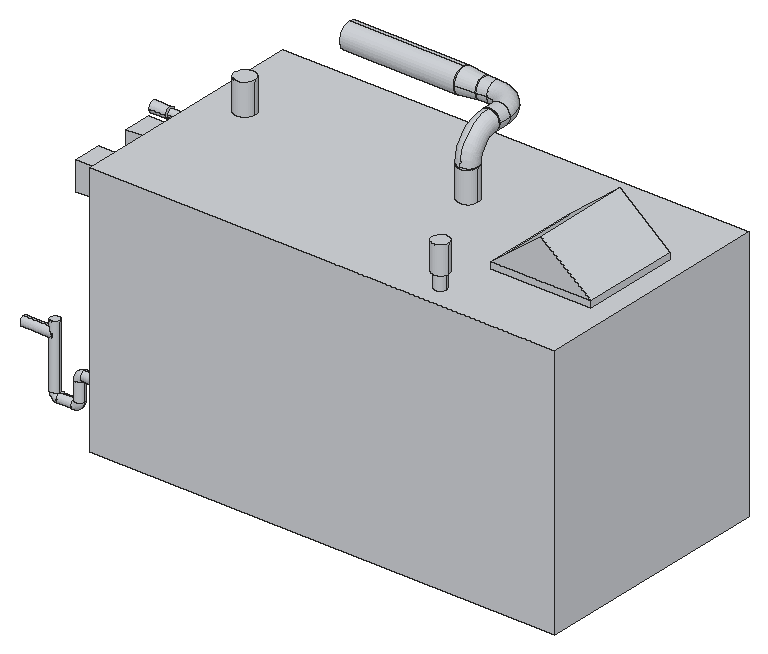
Revit family "AMP_BFIT 2000 Boiler", category Mechanical Equipment, Revit 2019
Family settings
  Round Connector Dimension = Use Diameter
  Part Type = Normal
  OmniClass Number = 23.75.00.00
  OmniClass Title = Climate Control (HVAC)
  Work Plane-Based = No
  Always vertical = Yes
  Cut with Voids When Loaded = No
  Shared = No
  Room Calculation Point = No
Parameters (values of type "AMP/BFIT 2000 Boiler")
  Width = 34 1/4"
  Length = 66 1/8"
  Height = 36 1/8"
  Voltage = ""
  Vent = "8\" EZ Vent"
  Manufacturer = "Bryan Steam"  # constant formula
  Hydronic Supply = "3\" Victaulic"
  Hydronic Return = "2-1/2\" Victaulic"
  Gas Train = "1-1/4\" NPT"
  Condensate Trap = "1\" Pipe"
  Boiler Drain = "3/4\" NPT"
  Air Supply = "8\""
Reference planes
  plane 1 "Center (Front/Back)": y = 0
  plane 2: z = 0
  plane 3 "Center (Left/Right)": x = 0
  plane 4 "Vent": y = 95.25
  plane 5 "Condensate Trap": y = -304.8
  plane 6 "Supply 2.5" Victualic Elbow Style 10": x = 100.902
  plane 7 "3" Supply Manifold": z = 1127.125
  plane 8 "3" Supply Elbow Victaulic Style 10": y = 327.025
Forms (mm)
  Extrusion 1, solid
    sketch origin (0, 0, 0) x (1, 0, 0) y (0, 1, 0)
      loop
        line (-839.787, 434.975) -> (-839.787, -434.975) -> (839.788, -434.975) -> (839.788, 434.975) -> (-839.787, 434.975)
    from 0 to 917.575
  Extrusion 2, solid
    sketch origin (0, 0, 917.575) x (1, 0, 0) y (0, 1, 0)
      loop
        line (405.549, 174.625) -> (405.549, -180.975) -> (763.588, -180.975) -> (763.588, 174.625) -> (405.549, 174.625)
    from 0 to 21.63
  Extrusion 3, solid
    sketch origin (763.588, -180.975, 917.575) x (-1, 0, 0) y (0, 0, -1)
      loop
        line (358.038, -21.63) -> (0, -21.63) -> (179.019, -167.063) -> (358.038, -21.63)
    from 0 to -355.6
  Extrusion 4, solid
    sketch origin (0, 0, 917.575) x (1, 0, 0) y (0, 1, 0)
      loop
        circle (-703.262, 95.25) r 36.513
      loop
        circle (100.902, 95.25) r 36.513
    from 0 to 111.125
  Extrusion 5, solid
    sketch origin (-839.787, -434.975, 0) x (0, 1, 0) y (0, 0, -1)
      loop
        circle (714.375, -257.175) r 100.013
      loop
        circle (714.375, -257.175) r 94.456
    from 0 to 28.575
  Sweep 6, solid
    path origin (0, -304.8, 0) x (-1, 0, 0) y (0, 0, 1)
      loop
        line (839.787, 146.406) -> (960.793, 146.406)
        arc (960.793, 146.406) -> (973.15, 141.287) -> (978.268, 128.93) r 17.475
        line (978.268, 128.93) -> (978.268, 62.281)
        arc (978.268, 62.281) -> (983.387, 49.924) -> (995.743, 44.806) r 17.475
        line (995.743, 44.806) -> (1049.706, 44.806)
        arc (1049.706, 44.806) -> (1062.054, 49.92) -> (1067.168, 62.268) r 17.463
        line (1067.168, 62.268) -> (1067.168, 292.456)
    profile origin (-900.29, -304.8, 146.406) x (0, 0, 1) y (0, 1, 0)
      loop
        circle (0, 0) r 16.701
  Revolve 7, solid
    sketch origin (0, -304.8, 0) x (-1, 0, 0) y (0, 0, 1)
      loop
        line (1179.512, 247.65) -> (1179.512, 264.351) -> (1066.8, 264.351) -> (1066.8, 247.65) -> (1179.512, 247.65)
      axis (1066.8, 247.65) -> (1179.512, 247.65)
    angle from 0 to 360
  Sweep 8, solid
    path origin (100.902, 0, 0) x (0, 1, 0) y (0, 0, 1)
      loop
        line (94.688, 1028.7) -> (94.688, 1032.51)
        arc (94.688, 1032.51) -> (122.586, 1099.862) -> (189.938, 1127.76) r 95.25
        line (189.938, 1127.76) -> (193.748, 1127.76)
    profile origin (100.902, 94.688, 1030.605) x (0, -1, 0) y (1, 0, 0)
      loop
        circle (0, 0) r 36.05
  Sweep 9, solid
    path origin (0, 0, 1127.125) x (1, 0, 0) y (0, 1, 0)
      loop
        line (100.902, 193.748) -> (100.902, 238.198)
        arc (100.902, 238.198) -> (74.863, 301.059) -> (12.002, 327.098) r 88.9
        line (12.002, 327.098) -> (-29.273, 327.098)
    profile origin (100.902, 215.973, 1127.125) x (-1, 0, 0) y (0, 0, 1)
      loop
        circle (0, 0) r 36.314
  SweptBlend 10, solid
    path origin (0, 0, 1127.125) x (1, 0, 0) y (0, 1, 0)
      loop
        line (-29.273, 323.923) -> (-100.393, 323.923)
    profile origin (-29.273, 323.923, 1127.125) x (0, -1, 0) y (0, 0, 1)
      loop
        circle (-3.175, 0) r 36.314
    end profile origin (-100.393, 323.923, 1127.125) x (0, -1, 0) y (0, 0, 1)
      loop
        circle (-3.175, 0) r 44.45
  Extrusion 11, solid
    sketch origin (-100.393, 327.098, 1127.125) x (0, 0, -1) y (0, -1, 0)
      loop
        circle (0, -0.065) r 44.513
    from 0 to 411.46
  Extrusion 12, solid
    sketch origin (-839.787, -434.975, 0) x (0, 1, 0) y (0, 0, -1)
      loop
        line (345.313, -912.813) -> (345.313, -811.213) -> (243.713, -811.213) -> (243.713, -912.813) -> (345.313, -912.813)
      loop
        line (119.888, -912.8) -> (119.888, -811.2) -> (18.288, -811.2) -> (18.288, -912.8) -> (119.888, -912.8)
    from 0 to 63.004
  Revolve 13, solid
    sketch origin (0, 95.25, 0) x (-1, 0, 0) y (0, 0, 1)
      loop
        line (1055.687, 603.25) -> (1050.344, 705.218) -> (803.033, 692.257) -> (808.377, 590.289) -> (1055.687, 603.25)
      axis (808.377, 590.289) -> (1055.687, 603.25)
    angle from 0 to 360
  Extrusion 14, solid
    sketch origin (-839.787, -434.975, 0) x (0, 1, 0) y (0, 0, -1)
      loop
        circle (530.225, -815.975) r 13.335
    from 0 to 133.35
  Extrusion 15, solid
    sketch origin (0, 0, 917.575) x (1, 0, 0) y (0, 1, 0)
      loop
        circle (360.363, -352.425) r 21.082
    from 0 to 53.975
  Extrusion 16, solid
    sketch origin (0, 0, 971.55) x (1, 0, 0) y (0, 1, 0)
      loop
        circle (360.363, -352.425) r 30.163
    from 0 to 98.425
  Extrusion 17, solid
    sketch origin (-973.137, -434.975, 0) x (0, 1, 0) y (0, 0, -1)
      loop
        circle (530.225, -815.975) r 19.05
    from 0 to 60.325
Dimensions and locks
  "Height": Extrusion 1 to level
  equal spacing: Extrusion 1 sketch curve, plane 3 "Center (Left/Right)", Extrusion 1 sketch curve
  "Length": Extrusion 1 sketch curve to Extrusion 1 sketch curve
  equal spacing: Extrusion 1 sketch curve, plane 1 "Center (Front/Back)", Extrusion 1 sketch curve
  "Width": Extrusion 1 sketch curve to Extrusion 1 sketch curve
  locked: Extrusion 2 sketch curve to Extrusion 1 at 76.2
  locked: Extrusion 2 sketch curve to Extrusion 2 sketch curve at 358.038
  locked: Extrusion 2 sketch curve to Extrusion 2 sketch curve at 355.6
  locked: Extrusion 2 sketch curve to Extrusion 1 at 254
  locked: Extrusion 1 to Extrusion 4 sketch curve at 339.725  (x2)
  locked: Extrusion 1 to Extrusion 5 sketch curve at 257.175
  Extrusion 1 to Extrusion 5 sketch curve = 6 1/8"
  locked: Sweep 8 sketch curve to Sweep 8 sketch curve at 99.06  (x2)
  locked: level to plane 7 "3" Supply Manifold" at 1127.125
  Sweep 9 sketch curve to Sweep 8 = 5 1/4"
  Sweep 9 sketch curve to Sweep 9 sketch curve = 5 1/8"
  locked: SweptBlend 10 sketch curve to SweptBlend 10 sketch curve at 71.12
  SweptBlend 10 sketch curve to Sweep 9 = 0"
  plane 3 "Center (Left/Right)" to plane 6 "Supply 2.5" Victualic Elbow Style 10" = 3.9725"
  locked: plane 8 "3" Supply Elbow Victaulic Style 10" to plane 1 "Center (Front/Back)" at 327.025
  locked: plane 4 "Vent" to plane 1 "Center (Front/Back)" at 95.25
  locked: plane 5 "Condensate Trap" to plane 1 "Center (Front/Back)" at 304.8
  locked: Sweep 6 sketch curve to Sweep 6 sketch curve at 88.9
  locked: Sweep 6 sketch curve to Sweep 6 sketch curve at 247.65
  Revolve 7 sketch curve to Revolve 7 sketch curve = 4 7/16"
  locked: Extrusion 12 sketch curve to Extrusion 12 sketch curve at 101.6  (x4)
  locked: Revolve 13 sketch curve to Revolve 13 sketch curve at 102.108
  Extrusion 1 to Extrusion 14 sketch curve = 13 3/8"
  Extrusion 1 to Extrusion 14 sketch curve = 32 1/8"
  locked: Extrusion 1 to Revolve 7 sketch curve at 227.012
  locked: Extrusion 1 to Revolve 7 sketch curve at 247.65  (x2)
  locked: Revolve 7 sketch curve to Revolve 7 sketch curve at 16.701
  locked: Extrusion 1 to Extrusion 4 sketch curve at 136.525
  locked: Extrusion 1 to Extrusion 15 sketch curve at 82.55
  locked: Extrusion 15 sketch curve to Extrusion 1 at 479.425
  locked: Extrusion 16 sketch curve to Extrusion 1 at 479.425
  locked: Extrusion 1 to Extrusion 16 sketch curve at 82.55
  locked: Extrusion 1 to Extrusion 17 sketch curve at 101.6
  locked: Extrusion 1 to Extrusion 17 sketch curve at 339.725
  diameter of Extrusion 5 sketch curve = 7 7/16"
  diameter of Extrusion 5 sketch curve = 7 7/8"
  diameter of Extrusion 15 sketch curve = 1.66"
  diameter of Extrusion 16 sketch curve = 2 3/8"
  diameter of Extrusion 17 sketch curve = 1 1/2"
  aligned and locked: level to plane 2
Automatic sketch dimensions
  Extrusion 3 sketch curve to Extrusion 2 = 0"  (x3)
  Extrusion 3 sketch curve to Extrusion 2 = 7.048"
  Extrusion 3 sketch curve to Extrusion 2 = 5.72571"
  Extrusion 5 sketch curve to Extrusion 5 sketch curve = 0"  (x2)
  Sweep 6 sketch curve to plane 5 "Condensate Trap" = 0"
  profile plane to Sweep 6 sketch curve = 0"
  Sweep 6 sketch curve to Sweep 6 sketch curve = 0.688"  (x2)
  Sweep 6 sketch curve to Sweep 6 sketch curve = 11/16"
  Sweep 6 sketch curve to Sweep 6 sketch curve = 2.624"
  Sweep 6 sketch curve to Sweep 6 sketch curve = 4.764"
  Sweep 8 sketch curve to plane 4 "Vent" = 0.02214"
  plane 4 "Vent" to Sweep 8 sketch curve = 3.72786"
  Sweep 8 sketch curve to plane 6 "Supply 2.5" Victualic Elbow Style 10" = 0"
  Sweep 8 sketch curve to profile plane = 0"
  Sweep 9 sketch curve to plane 6 "Supply 2.5" Victualic Elbow Style 10" = 0"
  Sweep 9 sketch curve to Sweep 9 sketch curve = 1 5/8"
  Sweep 9 sketch curve to Sweep 9 sketch curve = 1 3/4"
  Sweep 9 sketch curve to plane 7 "3" Supply Manifold" = 0"
  Sweep 9 sketch curve to profile plane = 0"
  plane 4 "Vent" to SweptBlend 10 sketch curve = 9.00286"
  SweptBlend 10 sketch curve to plane 7 "3" Supply Manifold" = 0"  (x2)
  profile plane to SweptBlend 10 sketch curve = 1/8"  (x2)
  Revolve 7 sketch curve to Revolve 7 sketch curve = 0.2025"
  Revolve 7 sketch curve to Revolve 7 sketch curve = 1.453"
  Revolve 13 sketch curve to Revolve 13 sketch curve = 5.78139"
  Revolve 13 sketch curve to Revolve 13 sketch curve = 4.32851"
  Revolve 13 sketch curve to Revolve 13 sketch curve = 0.21039"
  Revolve 13 sketch curve to Revolve 13 sketch curve = 0"  (x2)
  Extrusion 4 sketch curve to Extrusion 1 = 29.09"
  level to Sweep 6 sketch curve = 5.764"
  Sweep 6 sketch curve to plane 3 "Center (Left/Right)" = 37.8265"
  Sweep 8 sketch curve to plane 7 "3" Supply Manifold" = 3.725"
  Extrusion 1 to Extrusion 12 sketch curve = 0.188"
  Extrusion 12 sketch curve to Extrusion 1 = 0.72"
  Extrusion 1 to Extrusion 12 sketch curve = 3/16"
  Extrusion 12 sketch curve to Extrusion 12 sketch curve = 4 7/8"
  Revolve 13 sketch curve to plane 3 "Center (Left/Right)" = 31.61547"
  Revolve 13 sketch curve to plane 7 "3" Supply Manifold" = 16.61051"
  Revolve 13 sketch curve to Revolve 13 sketch curve = 9.73664"
  radius of Sweep 6 sketch curve = 0.6575"
  radius of Sweep 8 sketch curve = 1.41931"
  radius of Sweep 9 sketch curve = 1 55/128"
  radius of Extrusion 11 sketch curve = 1.75249"
  radius of SweptBlend 10 sketch curve = 1 55/128"
  radius of SweptBlend 10 sketch curve = 1 3/4"
  radius of Extrusion 4 sketch curve = 1 7/16"  (x2)
  radius of Extrusion 14 sketch curve = 0.525"
Connectors
  piping at (-703.262, 95.25, 1028.7), diameter 63.5
    settings: on Extrusion 4, index 2, connector inside diameter 24", connector length 0", flow factor 0, pipe flow 0 GPM, pressure drop 0.00 psi, fitting loss kfactor 0, connector angle 0.00°, fixture units 0, engagement length 0", angle of deflection 0.00°, flow configuration 0, flow direction 1, fitting loss method 0, system type 8, joint type 0, gender type 0, connector reference index -1, connector utility 0, adjustable connector no, is connector primary yes, connector description ""
  piping at (-868.362, 279.4, 257.175), diameter 203.2
    settings: on Extrusion 5, index 4, connector inside diameter 24", connector length 0", flow factor 0, pipe flow 0 GPM, pressure drop 0.00 psi, fitting loss kfactor 0, connector angle 0.00°, fixture units 0, engagement length 0", angle of deflection 0.00°, flow configuration 0, flow direction 1, fitting loss method 0, system type 22, joint type 0, gender type 0, connector reference index -1, connector utility 0, adjustable connector no, is connector primary no, connector description ""
  piping at (-1055.687, 95.25, 603.25), diameter 203.2
    settings: on Revolve 13, index 5, connector inside diameter 24", connector length 0", flow factor 0, pipe flow 0 GPM, pressure drop 0.00 psi, fitting loss kfactor 0, connector angle 0.00°, fixture units 0, engagement length 0", angle of deflection 0.00°, flow configuration 0, flow direction 2, fitting loss method 0, system type 17, joint type 0, gender type 0, connector reference index -1, connector utility 0, adjustable connector no, is connector primary no, connector description ""
  piping at (-1179.512, -304.8, 247.65), diameter 25.4
    settings: on Revolve 7, index 6, connector inside diameter 24", connector length 0", flow factor 0, pipe flow 0 GPM, pressure drop 0.00 psi, fitting loss kfactor 0, connector angle 0.00°, fixture units 0, engagement length 0", angle of deflection 0.00°, flow configuration 0, flow direction 2, fitting loss method 0, system type 22, joint type 0, gender type 0, connector reference index -1, connector utility 0, adjustable connector no, is connector primary no, connector description ""
  piping at (-511.854, 327.162, 1127.125), diameter 76.2
    settings: on Extrusion 11, index 8, connector inside diameter 24", connector length 0", flow factor 0, pipe flow 0 GPM, pressure drop 0.00 psi, fitting loss kfactor 0, connector angle 0.00°, fixture units 0, engagement length 0", angle of deflection 0.00°, flow configuration 0, flow direction 2, fitting loss method 0, system type 7, joint type 0, gender type 0, connector reference index -1, connector utility 0, adjustable connector no, is connector primary no, connector description ""
  piping at (360.363, -352.425, 1069.975), diameter 31.75
    settings: on Extrusion 16, index 10, connector inside diameter 24", connector length 0", flow factor 0, pipe flow 0 GPM, pressure drop 0.00 psi, fitting loss kfactor 0, connector angle 0.00°, fixture units 0, engagement length 0", angle of deflection 0.00°, flow configuration 0, flow direction 1, fitting loss method 0, system type 22, joint type 0, gender type 0, connector reference index -1, connector utility 0, adjustable connector no, is connector primary no, connector description ""
  piping at (-1033.462, 95.25, 815.975), diameter 19.05
    settings: on Extrusion 17, index 11, connector inside diameter 24", connector length 0", flow factor 0, pipe flow 0 GPM, pressure drop 0.00 psi, fitting loss kfactor 0, connector angle 0.00°, fixture units 0, engagement length 0", angle of deflection 0.00°, flow configuration 0, flow direction 2, fitting loss method 0, system type 22, joint type 0, gender type 0, connector reference index -1, connector utility 0, adjustable connector no, is connector primary no, connector description ""
